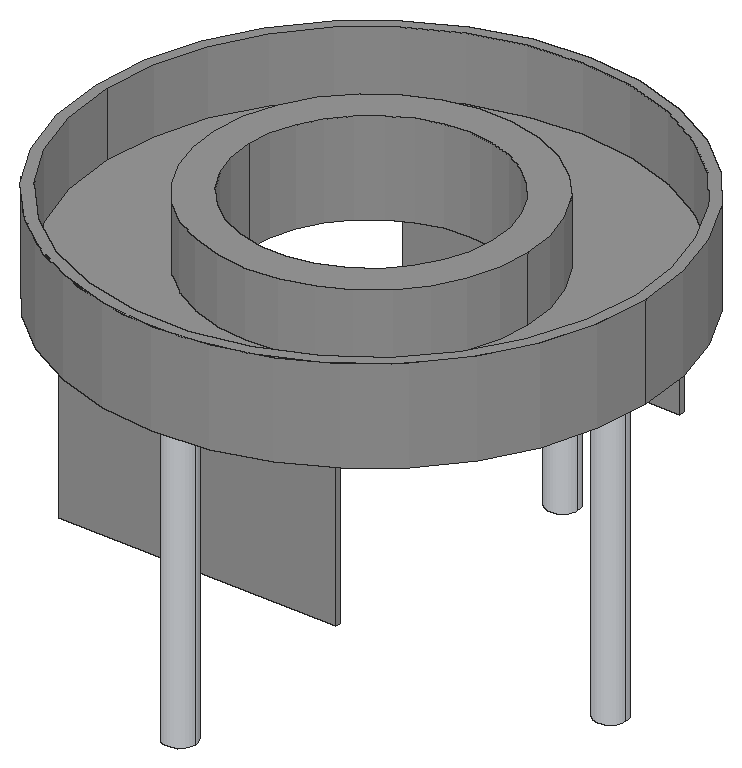
Revit family "Nivellierbare Schwerlastkassette für Tubus, RKFRSL, 25, 4", category Generic Models, Revit 2015
Parameters (values of type "RKFR2 4 SL2V2 25")
  URL = "http://www.obo-bettermann.com"
  Material = Stainless Steel, Polished
  Manufacturer Art.No. = "7409464"
  Manufacturer = "OBO Bettermann"
  HeightCalc = if(Height < 109 mm, 109 mm, (if(Height > 159 mm, 159 mm, Height)))  # 150 mm
  Height 1 = 36.5 mm
  Height = 150 mm
  GTIN = "4012195869702"
  Diameter 1 = 206 mm
  Diameter = 214 mm
  Cut depth = 25 mm
  Article Type = "RKFR2 4 SL2V2 25"
Reference planes
  plane 1 "Center (Front/Back)": y = 0
  plane 2: z = 0
  plane 3 "Center (Left/Right)": x = 0
  plane 4: z = 113.5
  plane 5: y = 99.5
  plane 6: y = -99.5
  plane 7: z = 150
  plane 8: z = 54.7
  plane 9: z = 125
Forms (mm)
  Extrusion 1, solid
    sketch origin (0, 0, 0) x (1, 0, 0) y (0, 1, 0)
      loop
        circle (0, 93.25) r 6
      loop
        circle (0, -93.25) r 6
      loop
        circle (-93.25, 0) r 6
      loop
        circle (93.25, 0) r 6
    from 0 to 113.5
  Extrusion 2, solid, material "Stainless Steel, Polished" <- "Material"
    sketch origin (0, 0, 0) x (1, 0, 0) y (0, 1, 0)
      loop
        line (-54, 85) -> (-54, 83) -> (54, 83) -> (54, 85) -> (-54, 85)
      loop
        line (-54, -83) -> (-54, -85) -> (54, -85) -> (54, -83) -> (-54, -83)
    from 54.7 to 113.5
  Extrusion 3, solid, material "Stainless Steel, Polished" <- "Material"
    sketch origin (0, 0, 0) x (1, 0, 0) y (0, 1, 0)
      loop
        circle (0, 0) r 107
    from 113.5 to 150
  Extrusion 4, void
    sketch origin (0, 0, 0) x (1, 0, 0) y (0, 1, 0)
      loop
        circle (0, 0) r 103
      loop
        circle (0, 0) r 61
    from 125 to 150
  Extrusion 5, void
    sketch origin (0, 0, 0) x (1, 0, 0) y (0, 1, 0)
      loop
        circle (0, 0) r 47.77
    from 113.5 to 150
Cuts and joins
  Extrusion 4 cuts Extrusion 1
  Extrusion 4 cuts Extrusion 2
  Extrusion 4, Extrusion 5 cuts Extrusion 3
Dimensions and locks
  "HeightCalc": plane 7 to level
  "Height 1": plane 7 to plane 4
  locked: Extrusion 2 sketch curve to Extrusion 2 sketch curve at 108  (x2)
  locked: Extrusion 2 sketch curve to Extrusion 2 sketch curve at 2  (x2)
  locked: plane 4 to plane 8 at 58.8
  "Cut depth": plane 7 to plane 9
  locked: plane 5 to plane 6 at 199
  equal spacing: plane 5, plane 1 "Center (Front/Back)", plane 6, locked at 99.5 each
  locked: plane 1 "Center (Front/Back)" to Extrusion 1 sketch curve at 93.25
  locked: Extrusion 1 sketch curve to plane 1 "Center (Front/Back)" at 93.25
  locked: Extrusion 1 sketch curve to plane 3 "Center (Left/Right)" at 93.25
  locked: plane 3 "Center (Left/Right)" to Extrusion 1 sketch curve at 93.25
  equal spacing: Extrusion 2 sketch curve, plane 3 "Center (Left/Right)", Extrusion 2 sketch curve, locked at 54 each  (x2)
  locked: Extrusion 2 sketch curve to Extrusion 2 sketch curve at 166
  equal spacing: Extrusion 2 sketch curve, plane 1 "Center (Front/Back)", Extrusion 2 sketch curve, locked at 83 each
  diameter of Extrusion 1 sketch curve = 12 mm  (x4)
  "Diameter": diameter of Extrusion 3 sketch curve
  "Diameter 1": diameter of Extrusion 4 sketch curve
  aligned and locked: level to plane 2
  aligned and locked: plane 4 to Extrusion 1
  aligned and locked: Extrusion 1 to Extrusion 2
  aligned and locked: Extrusion 2 to plane 8
  aligned and locked: Extrusion 3 to Extrusion 1
  aligned and locked: plane 7 to Extrusion 3
  aligned and locked: cut or joined group of Extrusion 3, Extrusion 4, Extrusion 5 to Extrusion 4
  aligned and locked: Extrusion 4 to plane 9
  aligned and locked: Extrusion 3 to Extrusion 5  (x2)
Automatic sketch dimensions
  Extrusion 1 sketch curve to plane 3 "Center (Left/Right)" = 0 mm  (x2)
  plane 1 "Center (Front/Back)" to Extrusion 1 sketch curve = 0 mm  (x2)
  plane 1 "Center (Front/Back)" to Extrusion 3 sketch curve = 0 mm
  Extrusion 3 sketch curve to plane 3 "Center (Left/Right)" = 0 mm
  Extrusion 4 sketch curve to Extrusion 4 sketch curve = 0 mm  (x2)
  plane 1 "Center (Front/Back)" to Extrusion 4 sketch curve = 0 mm
  Extrusion 4 sketch curve to plane 3 "Center (Left/Right)" = 0 mm
  plane 1 "Center (Front/Back)" to Extrusion 5 sketch curve = 0 mm
  Extrusion 5 sketch curve to plane 3 "Center (Left/Right)" = 0 mm
  radius of Extrusion 4 sketch curve = 61 mm
  radius of Extrusion 5 sketch curve = 47.77 mm
